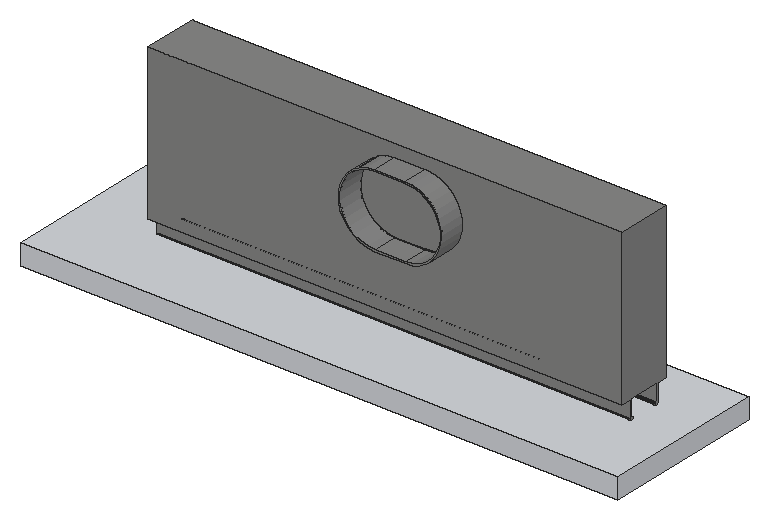
Revit family "Diffuser-Carnes-Ducted_Plenum-CXPC", category Duct Accessories, host Face, Revit 2014
Parameters (values of type "Parametric")
  Supply Connector = no
  Subcatagory = "Linear Diffuser"  # constant formula
  Specification Sheet = "http://www.carnes.com/AirDistribution/pdf/12301.pdf"
  Slot Width = 1 75/128"
  Revit Object Download Link = "http://library.smartbim.com/download/Diffuser-Carnes-Ducted_Plenum-CXPC"
  Product Page URL = "http://www.carnes.com/AirDistribution/cxpc.phtml"
  Inlet Nominal Size Width = 5"
  Inlet Nominal Size Height D = if(Inlet Nominal Size Width > 6", 5 1/4", 3 1/2")  # 3 1/2"
  Half Inlet Width = Inlet Nominal Size Width / 2  # 2 1/2"
  Length = 23 1/2"
  Description = "Widebody Diffuser"  # constant formula
  Depth = 2 3/4"
  Height = 9 1/16"  # constant formula
  URL = "http://www.carnes.com/"
  Model = "CXPC Ducted Plenum"  # constant formula
  Unit = Metal - Carnes - Steel Galvanized
  Manufacturer = "CARNES COMPANY"  # constant formula
  Default Elevation = 0"
  Supply Connection = "Diffuser Supply Connector"  # constant formula
  Catalog = "http://www.carnes.com/AirDistribution/pdf/a156-158.pdf"
  B Radius = B + 3"  # 63"
  B = 60"
  Assembly Code = ""
  A = 10 1/2"
  95 CSI = ""
  04 CSI = ""
Reference planes (in)
  plane 1 "Center (Front/Back)": y = 0
  plane 2: z = 0
  plane 3 "Center (Left/Right)": x = 0.94
  plane 4: x = -10.81
  plane 5: x = 12.69
  plane 6: z = 9.0625
  plane 7: z = 8.5625
  plane 8: z = 60
  plane 9: x = -10.7475
  plane 10: x = 12.6275
  plane 11: z = -18
  plane 12: y = 1.375
  plane 13: y = 1.125
  plane 14: y = -1.375
  plane 15: y = -1.125
  plane 16: y = -2.625
  plane 17: x = 2.19
  plane 18: z = 8.39099
  plane 19: z = 4.89099
Forms (in)
  Extrusion 1, solid
    sketch origin (0, 0, 0) x (1, 0, 0) y (0, 1, 0)
      loop
        line (-15.06, 4.125) -> (-15.06, -4) -> (14.56239, -4) -> (14.56239, 4.125) -> (-15.06, 4.125)
    from 0 to -1
Dimensions and locks (in)
  equal spacing: plane 4, plane 3 "Center (Left/Right)", plane 5
  "Length": plane 4 to plane 5
  "Height": plane 6 to plane 2
  locked: plane 6 to plane 7 at 0.5
  level to plane 11 = 18"
  plane 6 to Extrusion 1 = 9 1/16"
  plane 8 to Extrusion 1 = 60"
  locked: plane 16 to plane 14 at 1.25
  "Depth": plane 12 to plane 14
  locked: plane 15 to plane 14 at 0.25
  locked: plane 12 to plane 13 at 0.25
  equal spacing: plane 12, plane 1 "Center (Front/Back)", plane 14
  locked: plane 10 to plane 5 at 0.0625
  locked: plane 9 to plane 4 at 0.0625
  "B": plane 8 to plane 2
  "A": plane 17 to plane 5
  "Inlet Nominal Size Height D": plane 18 to plane 19
  aligned and locked: plane 2 to Extrusion 1
  aligned and locked: level to Extrusion 1
  aligned and locked: plane 3 "Center (Left/Right)" to nested 1
  aligned and locked: plane 1 "Center (Front/Back)" to nested 1
Automatic sketch dimensions
  Extrusion 1 sketch curve to Extrusion 1 sketch curve = 29.62239"
  Extrusion 1 sketch curve to Extrusion 1 sketch curve = 8 1/8"
Nested families (in)
  nested 1: "CXPC" at (0, 0, 0), type "Parametric"
Connectors (in)
  hvac at (2.19, -2.625, 6.64099), driven by "Inlet Nominal Size Height D", driven by "Inlet Nominal Size Width", driven by "Supply Connection", driven by "Supply Connector"
    settings: on nested 1, index 1, duct flow 0 CFM, flow factor 0, pres drop 0.00 in-wg, loss coef 0, conn angle 0.00°, conn width 5", conn height 3 1/2", conn diameter 24", duct sys type 1, conn prof type 2, flow config 1, flow direction 1, loss method 0, conn ref index -1, conn util no, is conn primary yes, conn desc "Diffuser Supply Connector"
Definition of nested family "CXPC"
  Parameters (values of type "Parametric")
    Slot Width = 1 75/128"
    Inlet Nominal Size Width = 5"
    Inlet Nominal Size Height D = if(Inlet Nominal Size Width > 6", 5 1/4", 3 1/2")  # 3 1/2"
    Half Inlet Width = Inlet Nominal Size Width / 2  # 2 1/2"
    Length = 23 1/2"
    Depth = 2 3/4"
    Height = 9 1/16"  # constant formula
    URL = "http://www.carnes.com/"
    Model = "DGAA"  # constant formula
    Unit = Metal - Carnes - Steel Galvanized
    Manufacturer = ""
    Default Elevation = 0"
    B Radius = B + 3"  # 63"
    B = 60"
    Assembly Code = ""
    A = 10 1/2"
    95 CSI = ""
    04 CSI = ""
  Reference planes (in)
    plane 1 "Center (Front/Back)": y = 0
    plane 2: z = 0
    plane 3 "Center (Left/Right)": x = 0.94
    plane 4: x = -10.81
    plane 5: x = 12.69
    plane 6: z = 9.0625
    plane 7: z = 8.5625
    plane 8: z = 60
    plane 9: x = -10.7475
    plane 10: x = 12.6275
    plane 11: z = -18
    plane 12: y = 1.375
    plane 13: y = 1.125
    plane 14: y = -1.375
    plane 15: y = -1.125
    plane 16: y = -2.625
    plane 17: x = 2.19
    plane 18: z = 0.84375
    plane 19: y = -0.79297
    plane 20: y = 0.79297
    plane 21: z = 8.39099
    plane 22: z = 4.89099
  Forms (in)
    Extrusion 1, solid
      sketch origin (0, 0, 0) x (1, 0, 0) y (0, 1, 0)
        loop
          line (-15.06, 4.125) -> (-15.06, -4) -> (14.56239, -4) -> (14.56239, 4.125) -> (-15.06, 4.125)
      from 0 to -1
    Extrusion 2, solid, material "Metal - Carnes - Steel Galvanized" <- "Unit"
      sketch origin (0, 0, 0) x (1, 0, 0) y (0, 0, 1)
        loop
          line (-10.81, 9.0625) -> (-10.81, 8.5625) -> (12.69, 8.5625) -> (12.69, 9.0625) -> (-10.81, 9.0625)
      from -1.125 to 1.125
    Extrusion 3, solid, material "Metal - Carnes - Steel Galvanized" <- "Unit"
      sketch origin (0, 0, 0) x (1, 0, 0) y (0, 1, 0)
        loop
          line (-10.81, 1.375) -> (-10.81, 1.125) -> (12.69, 1.125) -> (12.69, 1.375) -> (-10.81, 1.375)
        loop
          line (-10.81, -1.125) -> (-10.81, -1.375) -> (12.69, -1.375) -> (12.69, -1.125) -> (-10.81, -1.125)
      from 1.4375 to 9.0625
    Sweep 4, solid, material "Metal - Carnes - Steel Galvanized" <- "Unit"
      path in 3D
        loop
          line (-10.81, -1.125, 1.4375) -> (12.69, -1.125, 1.4375)
      profile origin (0.94, -1.125, 1.4375) x (0, -1, 0) y (0, 0, -1)
        loop
          line (-1.91797, 0) -> (-1.91797, 0.89784)
          arc (-1.91797, 0.89784) -> (-1.88726, 0.92855) -> (-1.85655, 0.89784) r 0.03071
          line (-1.85655, 0.89784) -> (-1.85655, 0.83461) -> (-1.8253, 0.83461) -> (-1.8253, 0.89765)
          arc (-1.8253, 0.89765) -> (-1.88727, 0.95963) -> (-1.94925, 0.89765) r 0.06198
          line (-1.94925, 0.89765) -> (-1.94925, 0.03125) -> (-2.5, 0.03125) -> (-2.5, 0) -> (-1.91797, 0)
        loop
          line (-0.33203, 0) -> (0.25, 0) -> (0.25, 0.03125) -> (-0.30075, 0.03125) -> (-0.30075, 0.89765)
          arc (-0.30075, 0.89765) -> (-0.36273, 0.95963) -> (-0.4247, 0.89765) r 0.06198
          line (-0.4247, 0.89765) -> (-0.4247, 0.83461) -> (-0.39345, 0.83461) -> (-0.39345, 0.89784)
          arc (-0.39345, 0.89784) -> (-0.36274, 0.92855) -> (-0.33203, 0.89784) r 0.03071
          line (-0.33203, 0.89784) -> (-0.33203, 0)
    Extrusion 5, solid, material "Metal - Carnes - Steel Galvanized" <- "Unit"
      sketch origin (12.69, 0, 9.0625) x (0, 0, -1) y (0, 1, 0)
        loop
          line (0, -1.375) -> (7.625, -1.375) -> (7.625, 1.375) -> (0, 1.375) -> (0, -1.375)
      from -0.0625 to 0
    Extrusion 6, solid, material "Metal - Carnes - Steel Galvanized" <- "Unit"
      sketch origin (-10.81, 0, 9.0625) x (0, 0, -1) y (0, -1, 0)
        loop
          line (0, 1.375) -> (0, -1.375) -> (7.625, -1.375) -> (7.625, 1.375) -> (0, 1.375)
      from -0.0625 to 0
    Extrusion 7, void
      sketch origin (0, 0, 0) x (1, 0, 0) y (0, 0, 1)
        loop
          arc (1.44, 8.39099) -> (-0.31, 6.64099) -> (1.44, 4.89099) r 1.75
          line (1.44, 4.89099) -> (2.94, 4.89099)
          arc (2.94, 4.89099) -> (4.69, 6.64099) -> (2.94, 8.39099) r 1.75
          line (2.94, 8.39099) -> (1.44, 8.39099)
      from 1.375 to 1.34378
    Extrusion 8, solid, material "Metal - Carnes - Steel Galvanized" <- "Unit"
      sketch origin (-11.06, -0.875, 0) x (1, 0, 0) y (0, 0, 1)
        loop
          arc (12.5, 8.39099) -> (10.75, 6.64099) -> (12.5, 4.89099) r 1.75
          line (12.5, 4.89099) -> (14, 4.89099)
          arc (14, 4.89099) -> (15.75, 6.64099) -> (14, 8.39099) r 1.75
          line (14, 8.39099) -> (12.5, 8.39099)
        loop
          arc (12.5, 8.45349) -> (10.6875, 6.64099) -> (12.5, 4.82849) r 1.8125
          line (12.5, 4.82849) -> (14, 4.82849)
          arc (14, 4.82849) -> (15.8125, 6.64099) -> (14, 8.45349) r 1.8125
          line (14, 8.45349) -> (12.5, 8.45349)
      from 0.25 to 1.75
  Cuts and joins
    Extrusion 7 cuts Extrusion 2
    Extrusion 7 cuts Extrusion 3
    Extrusion 7 cuts Sweep 4
    Extrusion 7 cuts Extrusion 5
    Extrusion 7 cuts Extrusion 6
    joined: Extrusion 2, Extrusion 3, Sweep 4, Extrusion 5, Extrusion 6
  Lines and regions (in)
    Masking region 1
      outline origin (0, 0, 0) x (1, 0, 0) y (0, 1, 0)
        loop
          line (-0.31, -2.625) -> (4.69, -2.625) -> (4.69, -1.375) -> (-0.31, -1.375) -> (-0.31, -2.625)
    sketch lines
      curve 1: line (-10.81, -1.125, 1.4375) -> (12.69, -1.125, 1.4375)
    symbolic lines, style "Diffuser"
      curve 2: line (-10.81, 1.375, 0) -> (12.69, 1.375, 0)
      curve 3: line (-10.81, -1.375, 0) -> (-10.81, 1.375, 0)
      curve 4: line (12.69, -1.375, 0) -> (-10.81, -1.375, 0)
      curve 5: line (12.69, 1.375, 0) -> (12.69, -1.375, 0)
  Dimensions and locks (in)
    equal spacing: plane 4, plane 3 "Center (Left/Right)", plane 5
    "Length": plane 4 to plane 5
    "Height": plane 6 to plane 2
    locked: plane 6 to plane 7 at 0.5
    level to plane 11 = 18"
    plane 6 to Extrusion 1 = 9 1/16"
    plane 8 to Extrusion 1 = 60"
    locked: plane 16 to plane 14 at 1.25
    "Depth": plane 12 to plane 14
    locked: plane 15 to plane 14 at 0.25
    locked: plane 12 to plane 13 at 0.25
    equal spacing: plane 12, plane 1 "Center (Front/Back)", plane 14
    locked: plane 10 to plane 5 at 0.0625
    locked: plane 9 to plane 4 at 0.0625
    "B": plane 8 to plane 2
    "A": plane 17 to plane 5
    locked: plane 18 to plane 2 at 0.84375
    Sweep 4 sketch curve to plane 18 to Sweep 4 sketch curve to Sweep 4 sketch curve to Sweep 4 sketch curve = 9/16" locked, 0.24086" locked, 0.09394" locked, 0.03107" locked  (x2)
    Sweep 4 sketch curve to Sweep 4 sketch curve to plane 19 to Sweep 4 sketch curve = 1/32" locked, 0.06142" locked, 0.03128" locked
    Sweep 4 sketch curve to plane 20 to Sweep 4 sketch curve to Sweep 4 sketch curve = 0.03128" locked, 0.06142" locked, 1/32" locked
    equal spacing: plane 20, plane 1 "Center (Front/Back)", plane 19
    "Slot Width": plane 20 to plane 19
    "Half Inlet Width": plane 17 to Extrusion 8 sketch curve
    "Half Inlet Width": Extrusion 8 sketch curve to plane 17
    "Inlet Nominal Size Height D": plane 21 to plane 22
    equal spacing: Masking region 1 sketch curve, plane 17, Masking region 1 sketch curve
    "Inlet Nominal Size Width": Masking region 1 sketch curve to Masking region 1 sketch curve
    aligned and locked: plane 2 to Extrusion 1
    aligned and locked: level to Extrusion 1
    aligned and locked: Extrusion 2 sketch curve to plane 6
    aligned and locked: Extrusion 2 sketch curve to plane 7
    aligned and locked: Extrusion 2 sketch curve to plane 4
    aligned and locked: plane 5 to Extrusion 2 sketch curve
    aligned and locked: Extrusion 3 sketch curve to plane 12
    aligned and locked: Extrusion 3 sketch curve to plane 13
    aligned and locked: plane 15 to Extrusion 3 sketch curve
    aligned and locked: plane 14 to Extrusion 3 sketch curve
    aligned and locked: Extrusion 3 sketch curve to plane 4
    aligned and locked: plane 5 to Extrusion 3 sketch curve
    aligned and locked: plane 6 to Extrusion 3
    aligned and locked: Extrusion 2 to Extrusion 3  (x2)
    aligned and locked: plane 10 to Extrusion 5
    aligned and locked: Extrusion 5 to plane 5
    aligned and locked: Extrusion 6 sketch curve to cut or joined group of Extrusion 2, Extrusion 3, Sweep 4, Extrusion 5, Extrusion 6, Extrusion 7  (x2)
    aligned and locked: cut or joined group of Extrusion 2, Extrusion 3, Sweep 4, Extrusion 5, Extrusion 6, Extrusion 7 to Extrusion 6 sketch curve
    aligned and locked: plane 9 to Extrusion 6
    aligned and locked: Extrusion 6 to plane 4
    aligned and locked: plane 5 to cut or joined group of Extrusion 2, Extrusion 3, Sweep 4, Extrusion 5, Extrusion 6, Extrusion 7
    aligned and locked: Extrusion 7 to plane 14
    aligned and locked: Extrusion 6 to Extrusion 3
    aligned and locked: cut or joined group of Extrusion 2, Extrusion 3, Sweep 4, Extrusion 5, Extrusion 6, Extrusion 7 to cut or joined group of Extrusion 2, Extrusion 3, Sweep 4, Extrusion 5, Extrusion 6, Extrusion 7
    aligned and locked: plane 12 to Sweep 4 sketch curve
    aligned and locked: Sweep 4 sketch curve to plane 14
    aligned and locked: plane 19 to Sweep 4 sketch curve
    aligned and locked: Sweep 4 sketch curve to plane 20
    aligned and locked: Extrusion 8 to plane 16
    aligned and locked: cut or joined group of Extrusion 2, Extrusion 3, Sweep 4, Extrusion 5, Extrusion 6, Extrusion 7 to Extrusion 8
    aligned and locked: Extrusion 7 sketch curve to Extrusion 8  (x2)
    aligned and locked: Extrusion 8 sketch curve to plane 21
    aligned and locked: plane 22 to Extrusion 8 sketch curve
    aligned and locked: curve 2 to cut or joined group of Extrusion 2, Extrusion 3, Sweep 4, Extrusion 5, Extrusion 6, Extrusion 7
    aligned and locked: curve 3 to cut or joined group of Extrusion 2, Extrusion 3, Sweep 4, Extrusion 5, Extrusion 6, Extrusion 7
    aligned and locked: curve 4 to cut or joined group of Extrusion 2, Extrusion 3, Sweep 4, Extrusion 5, Extrusion 6, Extrusion 7
    aligned and locked: curve 5 to cut or joined group of Extrusion 2, Extrusion 3, Sweep 4, Extrusion 5, Extrusion 6, Extrusion 7
  Automatic sketch dimensions
    Extrusion 3 sketch curve to plane 4 = 0"
    Extrusion 3 sketch curve to plane 5 = 0"
    Extrusion 2 to Extrusion 5 sketch curve = 0"
    Extrusion 5 sketch curve to Extrusion 2 = 1/4"  (x2)
    Extrusion 5 sketch curve to Extrusion 2 = 7 1/8"
    Extrusion 2 to Extrusion 6 sketch curve = 7 1/8"
    Extrusion 1 sketch curve to Extrusion 1 sketch curve = 29.62239"
    Extrusion 1 sketch curve to Extrusion 1 sketch curve = 8 1/8"
    profile plane to Sweep 4 sketch curve = 0"  (x2)
    Extrusion 8 sketch curve to Extrusion 8 sketch curve = 0"  (x3)
    Extrusion 8 sketch curve to Extrusion 8 sketch curve = 1/16"
    Masking region 1 sketch curve to plane 16 = 0"
    plane 14 to Masking region 1 sketch curve = 0"
